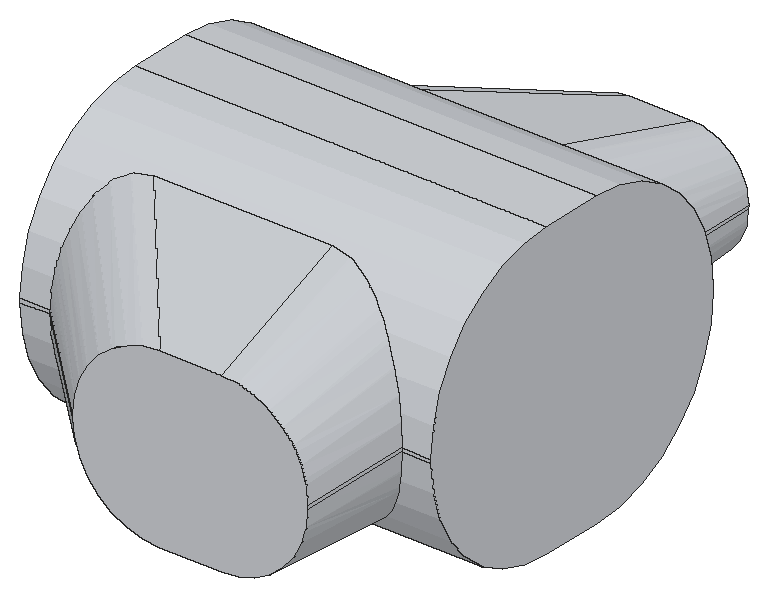
Revit family "acd00126671448d1bab87e288c07302f", category Duct Fittings, Revit 2021
Family settings
  Round Connector Dimension = Use Diameter
  Part Type = Cross
  OmniClass Number = 23.75.70.14
  OmniClass Title = Air Ductwork
  Seek Item ID = Oval Cross - Shoe-0000-USA-ENU
  Work Plane-Based = No
  Always vertical = Yes
  Cut with Voids When Loaded = No
  Shared = No
Parameters (values of type "Standard")
  Width [instance] = if(Duct Width 3 > Duct Width 4, Duct Width 3, Duct Width 4)  # 8"
  Length 12 [instance] = (Duct Height 3 * 0.5 - (Duct Height 1 - Duct Width 1) * 0.5 + Length 7) / (Duct Width 1 / 0' 2")  # 0.83333"
  Length 11 [instance] = (Duct Height 4 * 0.5 - (Duct Height 1 - Duct Width 1) * 0.5 + Length 8) / (Duct Width 1 / 0' 2")  # 0.66667"
  Radius [instance] = if(Duct Width 1 > Duct Height 1, Duct Width 1 * 2, Duct Height 1 * 2)  # 24"
  Offset 4 [instance] = Length 6 * -1 / 2  # -4 1/2"
  Offset 3 [instance] = Length 5 / 2  # 4 1/2"
  Length 9 [instance] = Length 1 * 4  # 56"
  Length 8 [instance] = if(Duct Height 4 > Duct Height 1 - 0' 2", 0' 0", 0' 1")  # 1"
  Length 7 [instance] = if(Duct Height 3 > Duct Height 1 - 0' 2", 0' 0", 0' 1")  # 1"
  Length 6 [instance] = Base Length 4 + Length 10 / 2  # 9"
  Length 5 [instance] = Base Length 3 + Length 10 / 2  # 9"
  Length 2 [instance] = Width / 2 + 0' 1"  # 5"
  Length 10 [instance] = if(Duct Height 1 < Duct Width 1, Duct Height 1, Duct Width 1)  # 10"
  Default Elevation = 0' - 0"
  Base Width 4 [instance] = Duct Width 4 + Length 6  # 15"
  Base Length 4 [instance] = if(Duct Width 4 < 0' 9", 0' 4", if(Duct Width 4 < 1' 3", 0' 7", if(Duct Width 4 < 2' 3", 0' 10", 1' 1")))  # 4"
  Base Length 3 [instance] = if(Duct Width 3 < 0' 9", 0' 4", if(Duct Width 3 < 1' 3", 0' 7", if(Duct Width 3 < 2' 3", 0' 10", 1' 1")))  # 4"
  Length 4 [instance] = Base Length 4 + Duct Width 1 / 2  # 10"
  Length 3 [instance] = Base Length 3 + Duct Width 1 / 2  # 10"
  Length 1 [instance] = if(Base Length 3 > Base Length 4, Width + Base Length 3 + 0' 2", Width + Base Length 4 + 0' 2")  # 14"
  Base Width 3 [instance] = Duct Width 3 + Length 5  # 17"
  Duct Width 4 [instance] = 6"
  Duct Width 3 [instance] = 8"
  Duct Width 1 [instance] = 12"
  Duct Height 4 [instance] = 4"
  Duct Height 3 [instance] = 6"
  Duct Height 1 [instance] = 10"
  Base Height 4 [instance] = if(Length 8 = 0' 0", Duct Height 4, if(Duct Height 1 > Duct Width 1, Duct Height 4 + 2 * Length 8 * (Base Length 4 + Duct Width 1 * 0.5) / (Base Length 4 + Duct Width 1 * 0.5 * (1 - cos(Angle 4))), ((2 * Length 8 * Length 6 / (Length 6 - 0.5 * Duct Height 1 * sin(Angle 2)) + Duct Height 4))))  # 7.6"
  Base Height 3 [instance] = if(Length 7 = 0' 0", Duct Height 3, if(Duct Height 1 > Duct Width 1, Duct Height 3 + 2 * Length 7 * (Base Length 3 + Duct Width 1 * 0.5) / (Base Length 3 + Duct Width 1 * 0.5 * (1 - cos(Angle 3))), ((2 * Length 7 * Length 5 / (Length 5 - 0.5 * Duct Height 1 * sin(Angle 1)) + Duct Height 3))))  # 9"
  Angle 4 [instance] = if(Length 11 > 0' 1", 0.00°, asin(Length 11 / 0' 1"))  # 41.8103°
  Angle 3 [instance] = if(Length 12 > 0' 1", 0.00°, asin(Length 12 / 0' 1"))  # 56.4427°
  Angle 2 [instance] = if(Length 8 = 0' 0", 0.00°, acos((0.5 * Duct Height 4 + Length 8) / (Duct Height 1 * 0' 1" / 2) * 0' 1"))  # 53.1301°
  Angle 1 [instance] = if(Length 7 = 0' 0", 0.00°, acos((0.5 * Duct Height 3 + Length 7) / (Duct Height 1 * 0' 1" / 2) * 0' 1"))  # 36.8699°
Reference planes (in)
  plane 1 "Center (Front/Back)": y = 0
  plane 2: z = 0
  plane 3 "Center (Left/Right)": x = 0
  plane 4: y = 10
  plane 5: y = -10
  plane 6: x = 5
  plane 7: x = -9
Forms (in)
  SweptBlend 1, solid, detail levels medium+fine
    path origin (0, 0, 0) x (1, 0, 0) y (0, 1, 0)
      loop
        line (0, -10) -> (0, -1)
    profile "Duct - Oval : Duct - Oval 3" origin (0, -10, 0) x (-1, 0, 0) y (0, 0, 1)
      loop
        line (-4, 0.0625) -> (-4, -0.0625)
        arc (-4, -0.0625) -> (-3.13963, -2.13963) -> (-1.0625, -3) r 2.9375
        line (-1.0625, -3) -> (1.0625, -3)
        arc (1.0625, -3) -> (3.13963, -2.13963) -> (4, -0.0625) r 2.9375
        line (4, -0.0625) -> (4, 0.0625)
        arc (4, 0.0625) -> (3.13963, 2.13963) -> (1.0625, 3) r 2.9375
        line (1.0625, 3) -> (-1.0625, 3)
        arc (-1.0625, 3) -> (-3.13963, 2.13963) -> (-4, 0.0625) r 2.9375
    end profile "Duct - Oval : Duct - Base 3" origin (0, -1, 0) x (-1, 0, 0) y (0, 0, 1)
      loop
        line (-4, 0.0625) -> (-4, -0.0625)
        arc (-4, -0.0625) -> (-2.70029, -3.20029) -> (0.4375, -4.5) r 4.4375
        line (0.4375, -4.5) -> (8.5625, -4.5)
        arc (8.5625, -4.5) -> (11.70029, -3.20029) -> (13, -0.0625) r 4.4375
        line (13, -0.0625) -> (13, 0.0625)
        arc (13, 0.0625) -> (11.70029, 3.20029) -> (8.5625, 4.5) r 4.4375
        line (8.5625, 4.5) -> (0.4375, 4.5)
        arc (0.4375, 4.5) -> (-2.70029, 3.20029) -> (-4, 0.0625) r 4.4375
  Sweep 2, solid, detail levels medium+fine
    path in 3D
      loop
        line (-9, 0, 0) -> (5, 0, 0)
    profile "Duct - Oval : Duct - Oval 1" origin (-2, 0, 0) x (0, 1, 0) y (0, 0, 1)
      loop
        line (-6, 0.0625) -> (-6, -0.0625)
        arc (-6, -0.0625) -> (-4.55384, -3.55384) -> (-1.0625, -5) r 4.9375
        line (-1.0625, -5) -> (1.0625, -5)
        arc (1.0625, -5) -> (4.55384, -3.55384) -> (6, -0.0625) r 4.9375
        line (6, -0.0625) -> (6, 0.0625)
        arc (6, 0.0625) -> (4.55384, 3.55384) -> (1.0625, 5) r 4.9375
        line (1.0625, 5) -> (-1.0625, 5)
        arc (-1.0625, 5) -> (-4.55384, 3.55384) -> (-6, 0.0625) r 4.9375
  SweptBlend 3, solid, detail levels medium+fine
    path origin (0, 0, 0) x (1, 0, 0) y (0, 1, 0)
      loop
        line (0, 10) -> (0, 1)
    profile "Duct - Oval : Duct - Oval 4" origin (0, 10, 0) x (1, 0, 0) y (0, 0, 1)
      loop
        line (-3, 0.0625) -> (-3, -0.0625)
        arc (-3, -0.0625) -> (-2.43252, -1.43252) -> (-1.0625, -2) r 1.9375
        line (-1.0625, -2) -> (1.0625, -2)
        arc (1.0625, -2) -> (2.43252, -1.43252) -> (3, -0.0625) r 1.9375
        line (3, -0.0625) -> (3, 0.0625)
        arc (3, 0.0625) -> (2.43252, 1.43252) -> (1.0625, 2) r 1.9375
        line (1.0625, 2) -> (-1.0625, 2)
        arc (-1.0625, 2) -> (-2.43252, 1.43252) -> (-3, 0.0625) r 1.9375
    end profile "Duct - Oval : Duct - Base 4" origin (0, 1, 0) x (1, 0, 0) y (0, 0, 1)
      loop
        line (-12, 0.0625) -> (-12, -0.0625)
        arc (-12, -0.0625) -> (-10.90531, -2.70531) -> (-8.2625, -3.8) r 3.7375
        line (-8.2625, -3.8) -> (-0.7375, -3.8)
        arc (-0.7375, -3.8) -> (1.90531, -2.70531) -> (3, -0.0625) r 3.7375
        line (3, -0.0625) -> (3, 0.0625)
        arc (3, 0.0625) -> (1.90531, 2.70531) -> (-0.7375, 3.8) r 3.7375
        line (-0.7375, 3.8) -> (-8.2625, 3.8)
        arc (-8.2625, 3.8) -> (-10.90531, 2.70531) -> (-12, 0.0625) r 3.7375
  Sweep 4, void
    path in 3D
      loop
        line (-9, 0, 0) -> (-65, 0, 0)
    profile origin (-37, 0, 0) x (0, -1, 0) y (0, 0, 1)
      loop
        circle (0, 0) r 24
Cuts and joins
  Sweep 4 cuts SweptBlend 1
  Sweep 4 cuts SweptBlend 3
  joined: SweptBlend 1, Sweep 2, SweptBlend 3
Lines and regions (in)
  model lines, detail levels coarse
    curve 1: line (0, 10, 0) -> (0, 0, 0)
    curve 2: line (0, -10, 0) -> (0, 0, 0)
    curve 3: line (-9, 0, 0) -> (5, 0, 0)
  sketch lines
    curve 4: line (-9, 0, 0) -> (5, 0, 0)
    curve 6: line (-9, 0, 0) -> (-65, 0, 0)
  reference lines
    curve 5: line (-9, 0, 0) -> (-65, 0, 0)
Dimensions and locks (in)
  "Length 4": plane 4 to plane 1 "Center (Front/Back)"
  "Length 3": plane 5 to plane 1 "Center (Front/Back)"
  "Length 5": SweptBlend 1 sketch curve to SweptBlend 1 sketch curve
  "Length 2": plane 3 "Center (Left/Right)" to plane 6
  "Length 1": plane 7 to plane 6
  "Length 6": SweptBlend 3 sketch curve to SweptBlend 3 sketch curve
  "Length 9": curve 5 to curve 5
  "Radius": radius of Sweep 4 sketch curve
  aligned and locked: curve 1 to plane 3 "Center (Left/Right)"
  aligned and locked: plane 4 to curve 1
  aligned and locked: plane 3 "Center (Left/Right)" to curve 2
  aligned and locked: plane 1 "Center (Front/Back)" to curve 2
  aligned and locked: plane 5 to curve 2
  aligned and locked: plane 5 to SweptBlend 1 sketch curve
  aligned and locked: plane 3 "Center (Left/Right)" to SweptBlend 1 sketch curve
  aligned and locked: plane 1 "Center (Front/Back)" to curve 3
  aligned and locked: plane 6 to curve 3
  aligned and locked: plane 7 to curve 3
  aligned and locked: SweptBlend 3 sketch curve to plane 3 "Center (Left/Right)"
  aligned and locked: plane 4 to SweptBlend 3 sketch curve
  aligned and locked: curve 5 to plane 1 "Center (Front/Back)"
  aligned and locked: plane 7 to curve 5
  aligned and locked: plane 1 "Center (Front/Back)" to Sweep 4 sketch curve
  aligned and locked: plane 2 to Sweep 4 sketch curve
Connectors (in)
  hvac at (-9, 0, 0), driven by "Duct Height 1", driven by "Duct Width 1"
    settings: on Sweep 2, index 1, duct flow 0 CFM, flow factor 0, pres drop 0.00 in-wg, loss coef 0, conn angle 0.00°, conn width 12", conn height 10", conn diameter 24", duct sys type 28, conn prof type 2, flow config 0, flow direction 0, loss method 0, conn ref index 2, conn util no, is conn primary yes, conn desc ""
  hvac at (5, 0, 0), driven by "Duct Height 1", driven by "Duct Width 1"
    settings: on Sweep 2, index 2, duct flow 0 CFM, flow factor 0, pres drop 0.00 in-wg, loss coef 0, conn angle 0.00°, conn width 12", conn height 10", conn diameter 24", duct sys type 28, conn prof type 2, flow config 0, flow direction 0, loss method 0, conn ref index 1, conn util no, is conn primary no, conn desc ""
  hvac at (0, -10, 0), driven by "Duct Height 3", driven by "Duct Width 3"
    settings: on SweptBlend 1, index 3, duct flow 0 CFM, flow factor 0, pres drop 0.00 in-wg, loss coef 0, conn angle 0.00°, conn width 8", conn height 6", conn diameter 24", duct sys type 28, conn prof type 2, flow config 0, flow direction 0, loss method 0, conn ref index 4, conn util no, is conn primary no, conn desc ""
  hvac at (0, 10, 0), driven by "Duct Height 4", driven by "Duct Width 4"
    settings: on SweptBlend 3, index 4, duct flow 0 CFM, flow factor 0, pres drop 0.00 in-wg, loss coef 0, conn angle 0.00°, conn width 6", conn height 4", conn diameter 24", duct sys type 28, conn prof type 2, flow config 0, flow direction 0, loss method 0, conn ref index 3, conn util no, is conn primary no, conn desc ""
